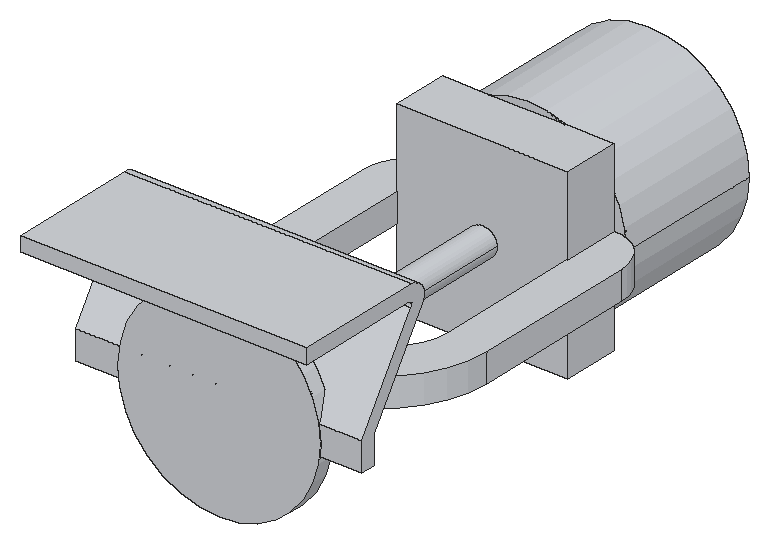
Revit family
Parameters (values of type "RASCO SW56 HSW")
  Temperature Rating = 155 °F
  Response = 1
  RASCO SIN # = "R6834"
  RASCO Part # = "SWH1C"
  Pressure Rating = "300 PSI"
  Pressure Class = 1
  Orifice Size = 1/2"
  Orifice = (empty or 0)
  Model = "SW56"
  Manufacturer = "RASCO"
  K-Factor = 5.6
  Description = "Chrome Finish"
  Coverage = (empty or 0)
Reference planes (in)
  plane 1 "Center (Front/Back)": y = 0
  plane 2: z = 0
  plane 3 "Center (Left/Right)": x = 0
Dimensions and locks (in)
  aligned and locked: plane 2 to level
Nested families (in)
  nested 1: "SWH1C" at (0, 0, -0.41732), type "RASCO SW56 HSW"
Connectors (in)
  piping at (-0.01236, 1.34926, 0.83852)
    settings: on nested 1, index 1, connector radius 115/256", flow factor 0, pipe flow 0 GPM, pressure drop 0.00 psi, fitting loss kfactor 0, connector angle 0.00°, fixture units 0, flow configuration 0, flow direction 0, fitting loss method 0, system type 7, connector reference index -1, connector utility 0, adjustable connector no, is connector primary yes, fitting loss table "", connector description ""
Definition of nested family "SWH1C"
  Parameters (values of type "RASCO SW56 HSW")
    Type Comments = ""
    Temperature Rating = 0 °F
    Response = (empty or 0)
    Pressure Rating = "0"
    Pressure Class = (empty or 0)
    Orifice Size = 0"
    Orifice = (empty or 0)
    Model = ""
    Manufacturer = ""
    K-Factor = 0
    Description = ""
    Coverage = (empty or 0)
    Assembly Code = ""
  Reference planes (in)
    plane 1 "Center (Front/Back)": y = 0
    plane 2: z = 0
    plane 3 "ref.2": z = 0.6875
    plane 4 "ref.3": z = 0.9375
    plane 5: x = -0.38065
    plane 6: x = 0.36935
    plane 7 "ref. side 1": y = 0.06402
    plane 8 "ref. side 2": y = -0.06098
    plane 9 "ref.4": z = 1.875
    plane 10 "ref.5": z = 2.3125
    plane 11 "ref.6": z = 2.4375
    plane 12 "center": x = -0.00574
  Forms (in)
    Extrusion 1, solid
      sketch origin (-0.01236, 1.37309, 1.25584) x (-1, 0, 0) y (0, 0, -1)
        loop
          circle (0, 0) r 0.4379
      from 0.02383 to 0.6875
    Extrusion 2, solid
      sketch origin (0.10949, 0.68559, 1.20407) x (-1, 0, 0) y (0, 0, -1)
        loop
          line (-0.2588, 0.356) -> (-0.2588, -0.4565) -> (0.4912, -0.4565) -> (0.4912, 0.356) -> (-0.2588, 0.356)
      from 0 to 0.25
    Extrusion 3, solid
      sketch origin (-0.01236, 1.3722, 1.25584) x (-1, 0, 0) y (0, -1, 0)
        loop
          line (-0.38065, 0.68754) -> (-0.38065, 1.58397)
          arc (-0.38065, 1.58397) -> (-0.29541, 1.78976) -> (-0.08962, 1.875) r 0.29103
          line (-0.08962, 1.875) -> (0.07524, 1.875)
          arc (0.07524, 1.875) -> (0.28321, 1.78886) -> (0.36935, 1.58089) r 0.29411
          line (0.36935, 1.58089) -> (0.36935, 0.68751)
          arc (0.36935, 0.68751) -> (0.50207, 0.74393) -> (0.55685, 0.87734) r 0.18984
          line (0.55685, 0.87734) -> (0.55685, 1.61676)
          arc (0.55685, 1.61676) -> (0.42629, 1.93194) -> (0.11111, 2.0625) r 0.44574
          line (0.11111, 2.0625) -> (-0.12259, 2.0625)
          arc (-0.12259, 2.0625) -> (-0.43765, 1.932) -> (-0.56815, 1.61694) r 0.44556
          line (-0.56815, 1.61694) -> (-0.56815, 0.87876)
          arc (-0.56815, 0.87876) -> (-0.51345, 0.74486) -> (-0.38065, 0.68754) r 0.19126
      from -0.06402 to 0.06098
    Extrusion 4, solid
      sketch origin (-0.01236, 0.43559, 1.25584) x (1, 0, 0) y (0, 0, 1)
        loop
          circle (0.00574, -0.00152) r 0.0625
      from 0 to 0.9375
    Extrusion 5, solid
      sketch origin (-0.01236, -0.50191, 1.25584) x (1, 0, 0) y (0, 0, 1)
        loop
          circle (0.00574, -0.00152) r 0.1875
      from 0 to 0.4375
    Extrusion 6, solid
      sketch origin (-0.01236, -0.89954, 1.2504) x (-1, 0, 0) y (0, 0, 1)
        loop
          circle (-0.00574, -0.00152) r 0.44275
      from -0.10531 to -0.03987
    Extrusion 7, solid
      sketch origin (-0.00662, 1.2679, 1.26334) x (0, -1, 0) y (0, 0, 1)
        loop
          line (2.27263, -0.06402) -> (2.27263, 0.06098) -> (2.00466, 0.4658)
          arc (2.00466, 0.4658) -> (2.00382, 0.48409) -> (2.01953, 0.49348) r 0.01783
          line (2.01953, 0.49348) -> (2.57559, 0.49348) -> (2.57559, 0.55848) -> (2.00257, 0.55848)
          arc (2.00257, 0.55848) -> (1.94355, 0.52319) -> (1.9467, 0.4545) r 0.067
          line (1.9467, 0.4545) -> (2.20719, 0.06098) -> (2.20719, -0.06402) -> (2.27263, -0.06402)
      from -0.62515 to 0.62904
  Cuts and joins
    joined: Extrusion 1, Extrusion 2, Extrusion 4
